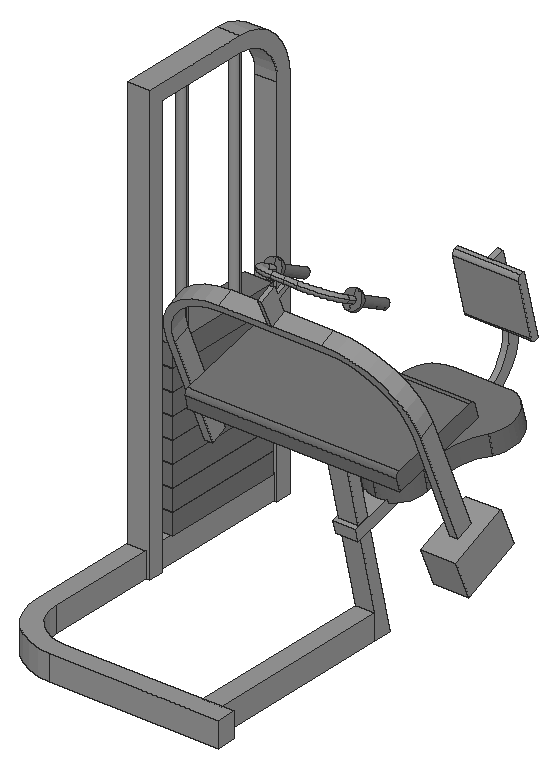
Revit family "Тренажер Трицепс-машинаг", category Оборудование, Revit 2017
Family settings
  Размер круглого соединителя = Использовать диаметр
  Тип детали = Нормальный
  На основе рабочей плоскости = Нет
  Всегда вертикально = Да
  При загрузке вырезать с полостями = Нет
  Общий = Нет
  Точка расчета площади = Нет
Parameters (values of type "1140х1120х1400")
  Ширина = 1140.0 mm
  Примечание = ""
  Позиция = ""
  Обозначение = "HS-TE"
  Наименование = "Тренажер Трицепс-машина"
  Масса = "95"
  Код оборудования = ""
  Keynote = ""
  Изготовитель = "Severin"
  Завод = "LifeFitness"
  Единицы = "шт."
  Model = ""
  Глубина = 1120.0 mm
  Высота = 1400.0 mm
Reference planes
  plane 1 "По центру (Вперед/Назад)": y = 0
  plane 2: z = 0
  plane 3 "По центру (Влево/Вправо)": x = 0
  plane 4: x = -570
  plane 5: x = 570
  plane 6: y = 560
  plane 7: y = -560
  plane 8: z = 1400
  plane 9: z = 0
Forms (mm)
  Sweep 1, solid, material "GKS_Mep_Сталь_3262-75", detail levels coarse+fine
    path origin (0, 0, 0) x (1, 0, 0) y (0, 1, 0)
      loop
        line (-570, 560) -> (-570, -360)
        arc (-570, -360) -> (-511.421, -501.421) -> (-370, -560) r 200
        line (-370, -560) -> (170, -560)
    profile origin (-570, 100, 0) x (1, 0, 0) y (0, 0, 1)
      loop
        line (0, 0) -> (60, 0) -> (60, 80) -> (0, 80) -> (0, 0)
  Sweep 2, solid, material "GKS_Mep_Сталь_3262-75", detail levels fine
    path origin (0, 0, 0) x (0, 1, 0) y (0, 0, 1)
      loop
        line (560, 0) -> (560, 1200)
        arc (560, 1200) -> (501.421, 1341.421) -> (360, 1400) r 200
        line (360, 1400) -> (0, 1400) -> (0, 0)
    profile origin (0, 560, 600) x (0, -1, 0) y (1, 0, 0)
      loop
        line (0, -570) -> (50, -570) -> (50, -500) -> (0, -500) -> (0, -570)
  Extrusion 3, solid, material "Сталь, хромированная", detail levels fine
    sketch origin (0, 0, 0) x (1, 0, 0) y (0, 1, 0)
      loop
        circle (-535, 385) r 15
      loop
        circle (-535, 175) r 15
    from 80 to 1350
  Extrusion 4, solid, material "Сталь, окрашенная, темно-серая, матовая", detail levels fine
    sketch origin (0, 0, 0) x (1, 0, 0) y (0, 1, 0)
      loop
        line (-580, 480) -> (-580, 80) -> (-490, 80) -> (-490, 480) -> (-580, 480)
    from 160.953 to 94.412
  Extrusion 5, solid, material "Сталь, окрашенная, темно-серая, матовая", detail levels fine
    sketch origin (0, 0, 68.75) x (1, 0, 0) y (0, 1, 0)
      loop
        line (-580, 480) -> (-580, 80) -> (-490, 80) -> (-490, 480) -> (-580, 480)
    from 160.953 to 94.412
  Extrusion 6, solid, material "Сталь, окрашенная, темно-серая, матовая", detail levels fine
    sketch origin (0, 0, 137.5) x (1, 0, 0) y (0, 1, 0)
      loop
        line (-580, 480) -> (-580, 80) -> (-490, 80) -> (-490, 480) -> (-580, 480)
    from 160.953 to 94.412
  Extrusion 7, solid, material "Сталь, окрашенная, темно-серая, матовая", detail levels fine
    sketch origin (0, 0, 206.25) x (1, 0, 0) y (0, 1, 0)
      loop
        line (-580, 480) -> (-580, 80) -> (-490, 80) -> (-490, 480) -> (-580, 480)
    from 160.953 to 94.412
  Extrusion 8, solid, material "Сталь, окрашенная, темно-серая, матовая", detail levels fine
    sketch origin (0, 0, 275) x (1, 0, 0) y (0, 1, 0)
      loop
        line (-580, 480) -> (-580, 80) -> (-490, 80) -> (-490, 480) -> (-580, 480)
    from 160.953 to 94.412
  Extrusion 9, solid, material "Сталь, окрашенная, темно-серая, матовая", detail levels fine
    sketch origin (0, 0, 343.75) x (1, 0, 0) y (0, 1, 0)
      loop
        line (-580, 480) -> (-580, 80) -> (-490, 80) -> (-490, 480) -> (-580, 480)
    from 160.953 to 94.412
  Extrusion 10, solid, material "Сталь, окрашенная, темно-серая, матовая", detail levels fine
    sketch origin (0, 0, 412.5) x (1, 0, 0) y (0, 1, 0)
      loop
        line (-580, 480) -> (-580, 80) -> (-490, 80) -> (-490, 480) -> (-580, 480)
    from 160.953 to 94.412
  Extrusion 11, solid, material "Сталь, окрашенная, темно-серая, матовая", detail levels coarse+fine
    sketch origin (0, 0, 481.25) x (1, 0, 0) y (0, 1, 0)
      loop
        line (-580, 480) -> (-580, 80) -> (-490, 80) -> (-490, 480) -> (-580, 480)
    from 160.953 to 94.412
  Extrusion 12, solid, material "GKS_Mep_Сталь_3262-75", detail levels coarse+fine
    sketch origin (0, 0, 0) x (1, 0, 0) y (0, 0, 1)
      loop
        line (131.756, 0) -> (131.756, 80) -> (71.756, 80) -> (71.756, 0) -> (131.756, 0)
    from -110.314 to 500
  Extrusion 13, solid, material "GKS_Mep_Сталь_3262-75", detail levels fine
    sketch origin (0, 0, 0) x (0, 1, 0) y (0, 0, 1)
      loop
        line (110.314, 0) -> (170.314, 0) -> (0, 700) -> (-38.27, 690.689) -> (110.314, 80) -> (110.314, 0)
    from 71.756 to 131.756
  Extrusion 14, solid, material "Сталь, окрашенная, темно-серая, матовая", detail levels coarse+fine
    sketch origin (0, -76.329, -0.012) x (0, 0.993912, -0.110174) y (0, 0.110174, 0.993912)
      loop
        line (-38.27, 690.689) -> (130.875, 752.252) -> (115.484, 794.538)
        arc (115.484, 794.538) -> (107.404, 802.936) -> (95.757, 803.321) r 15.483
        line (95.757, 803.321) -> (-175.752, 704.5)
        arc (-175.752, 704.5) -> (-184.427, 696.718) -> (-185.218, 685.092) r 15.483
        line (-185.218, 685.092) -> (-169.827, 642.806) -> (-38.27, 690.689)
    from -237.107 to 438.342
  Extrusion 15, solid, material "GKS_Mep_Сталь_3262-75", detail levels fine
    sketch origin (0, 0, 0) x (0, 1, 0) y (0, 0, 1)
      loop
        line (35.559, 317.833) -> (578.925, 453.309) -> (569.248, 492.121) -> (25.882, 356.645) -> (35.559, 317.833)
    from 66.479 to 138.028
  Extrusion 16, solid, material "Сталь, окрашенная, темно-серая, матовая", detail levels coarse+fine
    sketch origin (0, 92.362, -115.635) x (1, 0, 0) y (0, 0.970296, 0.241922)
      loop
        arc (107.75, 173.036) -> (172.638, 199.832) -> (199.7, 264.61) r 91.942
        arc (199.7, 264.61) -> (209.685, 364.16) -> (263.667, 448.397) r 214.873
        arc (263.667, 448.397) -> (284.374, 554.241) -> (191.905, 609.749) r 93.907
        line (191.905, 609.749) -> (114.459, 609.749) -> (23.617, 609.749)
        arc (23.617, 609.749) -> (-68.852, 554.241) -> (-48.145, 448.397) r 93.907
        arc (-48.145, 448.397) -> (5.784, 364.309) -> (15.864, 264.922) r 214.873
        arc (15.864, 264.922) -> (42.777, 199.949) -> (107.75, 173.036) r 91.886
    from 463.411 to 534.334
  Extrusion 17, solid, material "GKS_Mep_Сталь_3262-75", detail levels fine
    sketch origin (0, 0, 0) x (0, 1, 0) y (0, 0, 1)
      loop
        arc (578.925, 453.309) -> (680.846, 528.175) -> (703.456, 652.601) r 171.005
        line (703.456, 652.601) -> (645.488, 875.176) -> (606.779, 865.095) -> (662.561, 651.965)
        arc (662.561, 651.965) -> (648.857, 552.565) -> (568.843, 492.018) r 131.005
        line (568.843, 492.018) -> (578.925, 453.309)
    from 94.538 to 113.477
  Extrusion 18, solid, material "GKS_Mep_Сталь_3262-75", detail levels coarse+fine
    sketch origin (0, 0, 0) x (0, 1, 0) y (0, 0, 1)
      loop
        line (606.779, 865.095) -> (594.686, 861.929)
        arc (594.686, 861.929) -> (587.795, 854.691) -> (586.244, 844.817) r 16.773
        line (586.244, 844.817) -> (634.726, 659.583)
        arc (634.726, 659.583) -> (640.915, 651.735) -> (650.469, 648.8) r 16.773
        line (650.469, 648.8) -> (662.561, 651.965) -> (606.779, 865.095)
    from 0 to 209.576
  Sweep 19, solid, material "GKS_Mep_Сталь_3262-75", detail levels coarse+fine
    path origin (0, 621.706, 1084.264) x (1, 0, 0) y (0, -0.390731, 0.920505)
      loop
        line (-304.022, -302.958) -> (-304.022, 81.889)
        arc (-304.022, 81.889) -> (-233.605, 251.889) -> (-63.605, 322.305) r 240.416
        line (-63.605, 322.305) -> (264.84, 322.305)
        arc (264.84, 322.305) -> (434.84, 251.889) -> (505.257, 81.889) r 240.416
        line (505.257, 81.889) -> (505.257, -302.958)
    profile origin (-304.022, 664.895, 982.517) x (-1, 0, 0) y (0, -0.920505, -0.390731)
      loop
        line (0, 775.515) -> (0, 830.515) -> (-25, 830.515) -> (-25, 775.515) -> (0, 775.515)
  Extrusion 20, solid, material "GKS_Mep_Сталь_3262-75", detail levels coarse+fine
    sketch origin (0, 0, 0) x (0, 1, 0) y (0, 0, 1)
      loop
        line (-88.337, 453.748) -> (-37.675, 334.396) -> (140.801, 410.154) -> (90.139, 529.506) -> (-88.337, 453.748)
    from 438.342 to 549.449
  Extrusion 21, solid, material "GKS_Mep_Сталь_3262-75", detail levels fine
    sketch origin (0, 0, 0) x (0, 1, 0) y (0, 0, 1)
      loop
        line (-258.243, 1164.029) -> (-308.06, 1140.799) -> (-268.722, 1056.439) -> (-219.701, 1077.247) -> (-239.225, 1123.245) -> (-188.598, 1144.735) -> (-194.458, 1158.542) -> (-244.749, 1135.091) -> (-258.243, 1164.029)
    from 92.499 to 105.994
  Sweep 22, solid, material "GKS_Mep_Сталь_3262-75", detail levels coarse+fine
    path origin (0, -578.449, 63.773) x (1, 0, 0) y (0, 0.882948, -0.469472)
      loop
        line (-25, 76.747) -> (-25, -98.253)
        arc (-25, -98.253) -> (0.39, -159.55) -> (61.687, -184.94) r 86.687
        line (61.687, -184.94) -> (100.617, -184.94) -> (143.313, -184.94)
        arc (143.313, -184.94) -> (204.61, -159.55) -> (230, -98.253) r 86.687
        line (230, -98.253) -> (230, 76.747)
    profile origin (-25, -587.944, 68.821) x (1, 0, 0) y (0, 0.469472, 0.882948)
      loop
        circle (0, 1141.501) r 10
  Revolve 23, solid, material "Сталь, окрашенная, темно-серая, матовая", detail levels coarse+fine
    sketch origin (-25, -540.526, 43.608) x (0, 0.882948, -0.469472) y (0, 0.469472, 0.882948)
      loop
        line (-111.204, 1141.501) -> (33.796, 1141.501) -> (33.796, 1156.501) -> (-101.204, 1156.501) -> (-101.204, 1171.501) -> (-111.204, 1171.501) -> (-111.204, 1141.501)
      axis (33.796, 1141.501) -> (-111.204, 1141.501)
    angle from 0 to 360
  Revolve 24, solid, material "Сталь, окрашенная, темно-серая, матовая", detail levels coarse+fine
    sketch origin (230, -540.526, 43.608) x (0, 0.882948, -0.469472) y (0, 0.469472, 0.882948)
      loop
        line (-111.204, 1141.501) -> (33.796, 1141.501) -> (33.796, 1156.501) -> (-101.204, 1156.501) -> (-101.204, 1171.501) -> (-111.204, 1171.501) -> (-111.204, 1141.501)
      axis (33.796, 1141.501) -> (-111.204, 1141.501)
    angle from 0 to 360
Lines and regions (mm)
  symbolic lines, detail levels medium
    curve 1: line (570, -560, 0) -> (-570, -560, 0)
    curve 2: line (570, 560, 0) -> (570, -560, 0)
    curve 3: line (-570, 560, 0) -> (570, 560, 0)
    curve 4: line (-570, -560, 0) -> (-570, 560, 0)
    curve 5: line (-13.163, -560, 0) -> (0, -456.201, 0)
    curve 6: line (13.163, -560, 0) -> (0, -456.201, 0)
Dimensions and locks
  equal spacing: plane 4, plane 3 "По центру (Влево/Вправо)", plane 5
  "Ширина": plane 4 to plane 5
  equal spacing: plane 6, plane 1 "По центру (Вперед/Назад)", plane 7
  "Глубина": plane 6 to plane 7
  "Высота": plane 8 to plane 2
  aligned and locked: level to plane 2
Automatic sketch dimensions
  curve 1 to plane 4 = 0.0 mm
  curve 5 to plane 7 = 0.0 mm
  curve 5 to plane 3 "По центру (Влево/Вправо)" = 0.0 mm
  curve 2 to plane 5 = 0.0 mm
  curve 3 to plane 6 = 0.0 mm
  plane 7 to curve 5 = 103.799 mm
  curve 5 to plane 3 "По центру (Влево/Вправо)" = 13.163 mm
  plane 3 "По центру (Влево/Вправо)" to curve 6 = 13.163 mm
  Sweep 1 sketch curve to plane 4 = 0.0 mm
  Sweep 1 sketch curve to plane 7 = 0.0 mm
  Sweep 1 sketch curve to plane 6 = 0.0 mm
  plane 4 to Sweep 1 sketch curve = 200.0 mm
  plane 3 "По центру (Влево/Вправо)" to Sweep 1 sketch curve = 170.0 mm
  profile plane to Sweep 1 sketch curve = 0.0 mm
  Sweep 1 sketch curve to level = 0.0 mm
  Sweep 1 sketch curve to profile plane = 60.0 mm
  level to Sweep 1 sketch curve = 80.0 mm
  Sweep 2 sketch curve to level = 0.0 mm  (x2)
  Sweep 2 sketch curve to plane 1 "По центру (Вперед/Назад)" = 0.0 mm
  Sweep 2 sketch curve to plane 8 = 0.0 mm
  Sweep 2 sketch curve to plane 6 = 0.0 mm
  Sweep 2 sketch curve to plane 6 = 200.0 mm
  Sweep 2 sketch curve to profile plane = 0.0 mm
  Sweep 2 sketch curve to profile plane = 50.0 mm
  Sweep 2 sketch curve to plane 3 "По центру (Влево/Вправо)" = 570.0 mm
  Sweep 2 sketch curve to Sweep 2 sketch curve = 70.0 mm
  plane 4 to Extrusion 3 sketch curve = 35.0 mm  (x2)
  Extrusion 3 sketch curve to plane 1 "По центру (Вперед/Назад)" = 175.0 mm
  Extrusion 3 sketch curve to plane 6 = 175.0 mm
  Extrusion 4 sketch curve to plane 4 = 10.0 mm
  plane 4 to Extrusion 4 sketch curve = 80.0 mm
  Extrusion 4 sketch curve to plane 1 "По центру (Вперед/Назад)" = 80.0 mm
  Extrusion 4 sketch curve to plane 6 = 80.0 mm
  Extrusion 5 sketch curve to plane 4 = 10.0 mm
  plane 4 to Extrusion 5 sketch curve = 80.0 mm
  Extrusion 5 sketch curve to plane 1 "По центру (Вперед/Назад)" = 80.0 mm
  Extrusion 5 sketch curve to plane 6 = 80.0 mm
  Extrusion 6 sketch curve to plane 4 = 10.0 mm
  plane 4 to Extrusion 6 sketch curve = 80.0 mm
  Extrusion 6 sketch curve to plane 1 "По центру (Вперед/Назад)" = 80.0 mm
  Extrusion 6 sketch curve to plane 6 = 80.0 mm
  Extrusion 7 sketch curve to plane 4 = 10.0 mm
  plane 4 to Extrusion 7 sketch curve = 80.0 mm
  Extrusion 7 sketch curve to plane 1 "По центру (Вперед/Назад)" = 80.0 mm
  Extrusion 7 sketch curve to plane 6 = 80.0 mm
  Extrusion 8 sketch curve to plane 4 = 10.0 mm
  plane 4 to Extrusion 8 sketch curve = 80.0 mm
  Extrusion 8 sketch curve to plane 1 "По центру (Вперед/Назад)" = 80.0 mm
  Extrusion 8 sketch curve to plane 6 = 80.0 mm
  Extrusion 9 sketch curve to plane 4 = 10.0 mm
  plane 4 to Extrusion 9 sketch curve = 80.0 mm
  Extrusion 9 sketch curve to plane 1 "По центру (Вперед/Назад)" = 80.0 mm
  Extrusion 9 sketch curve to plane 6 = 80.0 mm
  Extrusion 10 sketch curve to plane 4 = 10.0 mm
  plane 4 to Extrusion 10 sketch curve = 80.0 mm
  Extrusion 10 sketch curve to plane 1 "По центру (Вперед/Назад)" = 80.0 mm
  Extrusion 10 sketch curve to plane 6 = 80.0 mm
  Extrusion 11 sketch curve to plane 4 = 10.0 mm
  plane 4 to Extrusion 11 sketch curve = 80.0 mm
  Extrusion 11 sketch curve to plane 1 "По центру (Вперед/Назад)" = 80.0 mm
  Extrusion 11 sketch curve to plane 6 = 80.0 mm
  Extrusion 12 sketch curve to level = 0.0 mm
  plane 3 "По центру (Влево/Вправо)" to Extrusion 12 sketch curve = 71.756 mm
  Extrusion 12 sketch curve to Extrusion 12 sketch curve = 60.0 mm
  level to Extrusion 12 sketch curve = 80.0 mm
  Extrusion 13 sketch curve to plane 1 "По центру (Вперед/Назад)" = 0.0 mm
  Extrusion 13 sketch curve to level = 0.0 mm
  plane 1 "По центру (Вперед/Назад)" to Extrusion 13 sketch curve = 38.27 mm
  Extrusion 13 sketch curve to plane 1 "По центру (Вперед/Назад)" = 110.314 mm
  Extrusion 13 sketch curve to Extrusion 13 sketch curve = 60.0 mm
  level to Extrusion 13 sketch curve = 80.0 mm
  plane 1 "По центру (Вперед/Назад)" to Extrusion 14 sketch curve = 184.94 mm
  Extrusion 14 sketch curve to plane 8 = 698.684 mm
  Extrusion 14 sketch curve to Extrusion 14 sketch curve = 9.466 mm
  Extrusion 14 sketch curve to Extrusion 14 sketch curve = 5.242 mm
  Extrusion 14 sketch curve to Extrusion 14 sketch curve = 15.391 mm  (x2)
  Extrusion 14 sketch curve to Extrusion 14 sketch curve = 132.24 mm
  Extrusion 14 sketch curve to Extrusion 14 sketch curve = 134.027 mm
  Extrusion 14 sketch curve to Extrusion 14 sketch curve = 5.349 mm
  Extrusion 14 sketch curve to Extrusion 14 sketch curve = 14.377 mm
  Extrusion 14 sketch curve to Extrusion 14 sketch curve = 42.286 mm
  Extrusion 14 sketch curve to Extrusion 14 sketch curve = 4.839 mm
  Extrusion 14 sketch curve to Extrusion 14 sketch curve = 61.564 mm
  Extrusion 14 sketch curve to Extrusion 14 sketch curve = 5.747 mm
  Extrusion 15 sketch curve to plane 1 "По центру (Вперед/Назад)" = 25.882 mm
  Extrusion 15 sketch curve to plane 1 "По центру (Вперед/Назад)" = 35.559 mm
  plane 6 to Extrusion 15 sketch curve = 9.248 mm
  level to Extrusion 15 sketch curve = 317.833 mm
  Extrusion 15 sketch curve to Extrusion 15 sketch curve = 38.812 mm
  Extrusion 16 sketch curve to plane 3 "По центру (Влево/Вправо)" = 197.097 mm
  plane 3 "По центру (Влево/Вправо)" to Extrusion 16 sketch curve = 16.952 mm
  plane 3 "По центру (Влево/Вправо)" to Extrusion 16 sketch curve = 23.617 mm
  plane 3 "По центру (Влево/Вправо)" to Extrusion 16 sketch curve = 107.75 mm
  Extrusion 16 sketch curve to Extrusion 16 sketch curve = 0.009 mm
  Extrusion 16 sketch curve to Extrusion 16 sketch curve = 90.842 mm
  Extrusion 16 sketch curve to Extrusion 16 sketch curve = 77.446 mm
  Extrusion 16 sketch curve to Extrusion 16 sketch curve = 6.665 mm
  Extrusion 16 sketch curve to plane 5 = 157.381 mm
  Extrusion 16 sketch curve to Extrusion 16 sketch curve = 0.056 mm
  Extrusion 16 sketch curve to Extrusion 16 sketch curve = 28.551 mm
  Extrusion 16 sketch curve to Extrusion 16 sketch curve = 28.607 mm
  Extrusion 16 sketch curve to Extrusion 16 sketch curve = 251.101 mm
  Extrusion 16 sketch curve to Extrusion 16 sketch curve = 0.0 mm  (x2)
  Extrusion 16 sketch curve to Extrusion 16 sketch curve = 93.67 mm
  Extrusion 16 sketch curve to Extrusion 16 sketch curve = 91.941 mm
  Extrusion 17 sketch curve to Extrusion 17 sketch curve = 0.0 mm  (x2)
  Extrusion 17 sketch curve to plane 6 = 24.175 mm
  plane 6 to Extrusion 17 sketch curve = 8.843 mm
  plane 6 to Extrusion 17 sketch curve = 18.925 mm
  plane 6 to Extrusion 17 sketch curve = 46.779 mm
  Extrusion 17 sketch curve to Extrusion 17 sketch curve = 38.709 mm  (x2)
  plane 6 to Extrusion 17 sketch curve = 102.561 mm
  Extrusion 17 sketch curve to Extrusion 17 sketch curve = 40.894 mm
  level to Extrusion 17 sketch curve = 453.309 mm
  Extrusion 17 sketch curve to Extrusion 17 sketch curve = 126.776 mm
  Extrusion 17 sketch curve to Extrusion 17 sketch curve = 213.129 mm
  plane 6 to Extrusion 18 sketch curve = 26.244 mm
  Extrusion 18 sketch curve to Extrusion 18 sketch curve = 8.442 mm
  Extrusion 18 sketch curve to Extrusion 18 sketch curve = 8.151 mm
  Extrusion 18 sketch curve to Extrusion 18 sketch curve = 12.093 mm  (x2)
  plane 6 to Extrusion 18 sketch curve = 74.726 mm
  Extrusion 18 sketch curve to Extrusion 18 sketch curve = 15.667 mm
  Extrusion 18 sketch curve to Extrusion 18 sketch curve = 0.076 mm
  level to Extrusion 18 sketch curve = 648.8 mm
  Extrusion 18 sketch curve to Extrusion 18 sketch curve = 3.165 mm
  Extrusion 18 sketch curve to Extrusion 18 sketch curve = 10.783 mm
  Extrusion 18 sketch curve to Extrusion 18 sketch curve = 17.113 mm
  plane 4 to Sweep 19 sketch curve = 265.978 mm
  Sweep 19 sketch curve to plane 3 "По центру (Влево/Вправо)" = 63.605 mm
  plane 3 "По центру (Влево/Вправо)" to Sweep 19 sketch curve = 264.84 mm
  Sweep 19 sketch curve to plane 5 = 64.743 mm
  Sweep 19 sketch curve to Sweep 19 sketch curve = 384.846 mm  (x2)
  Sweep 19 sketch curve to profile plane = 0.0 mm
  profile plane to Sweep 19 sketch curve = 25.0 mm
  profile plane to Sweep 19 sketch curve = 775.515 mm
  Sweep 19 sketch curve to Sweep 19 sketch curve = 55.0 mm
  plane 1 "По центру (Вперед/Назад)" to Extrusion 20 sketch curve = 88.337 mm
  plane 1 "По центру (Вперед/Назад)" to Extrusion 20 sketch curve = 37.675 mm
  Extrusion 20 sketch curve to plane 1 "По центру (Вперед/Назад)" = 90.139 mm
  level to Extrusion 20 sketch curve = 334.396 mm
  Extrusion 20 sketch curve to Extrusion 20 sketch curve = 75.758 mm
  Sweep 22 sketch curve to plane 3 "По центру (Влево/Вправо)" = 25.0 mm
  plane 3 "По центру (Влево/Вправо)" to Sweep 22 sketch curve = 61.687 mm
  Sweep 22 sketch curve to Sweep 22 sketch curve = 38.93 mm
  Sweep 22 sketch curve to Sweep 22 sketch curve = 81.626 mm
  Sweep 22 sketch curve to Sweep 22 sketch curve = 86.687 mm
  Sweep 22 sketch curve to Sweep 22 sketch curve = 175.0 mm  (x2)
  Sweep 22 sketch curve to profile plane = 0.0 mm
  profile plane to Sweep 22 sketch curve = 1141.501 mm
  plane 1 "По центру (Вперед/Назад)" to Revolve 23 sketch curve = 88.727 mm
  Revolve 23 sketch curve to plane 8 = 269.811 mm
  Revolve 23 sketch curve to Revolve 23 sketch curve = 10.0 mm
  Revolve 23 sketch curve to Revolve 23 sketch curve = 135.0 mm
  Revolve 23 sketch curve to Revolve 23 sketch curve = 15.0 mm  (x3)
  Revolve 23 sketch curve to Revolve 23 sketch curve = 25.0 mm
  Revolve 23 sketch curve to Revolve 23 sketch curve = 0.0 mm
  plane 1 "По центру (Вперед/Назад)" to Revolve 24 sketch curve = 88.727 mm
  Revolve 24 sketch curve to plane 8 = 269.811 mm
  Revolve 24 sketch curve to Revolve 24 sketch curve = 10.0 mm
  Revolve 24 sketch curve to Revolve 24 sketch curve = 135.0 mm
  Revolve 24 sketch curve to Revolve 24 sketch curve = 15.0 mm  (x3)
  Revolve 24 sketch curve to Revolve 24 sketch curve = 25.0 mm
  Revolve 24 sketch curve to Revolve 24 sketch curve = 0.0 mm
  plane 7 to Extrusion 21 sketch curve = 251.94 mm
  Extrusion 21 sketch curve to Extrusion 21 sketch curve = 39.338 mm
  Extrusion 21 sketch curve to Extrusion 21 sketch curve = 49.817 mm
  Extrusion 21 sketch curve to Extrusion 21 sketch curve = 13.494 mm
  Extrusion 21 sketch curve to Extrusion 21 sketch curve = 50.291 mm
  Extrusion 21 sketch curve to Extrusion 21 sketch curve = 5.861 mm
  Extrusion 21 sketch curve to plane 8 = 343.561 mm
  Extrusion 21 sketch curve to Extrusion 21 sketch curve = 13.808 mm
  Extrusion 21 sketch curve to Extrusion 21 sketch curve = 5.524 mm
  Extrusion 21 sketch curve to Extrusion 21 sketch curve = 19.525 mm
  radius of Extrusion 3 sketch curve = 15.0 mm  (x2)
  radius of Sweep 22 sketch curve = 10.0 mm
